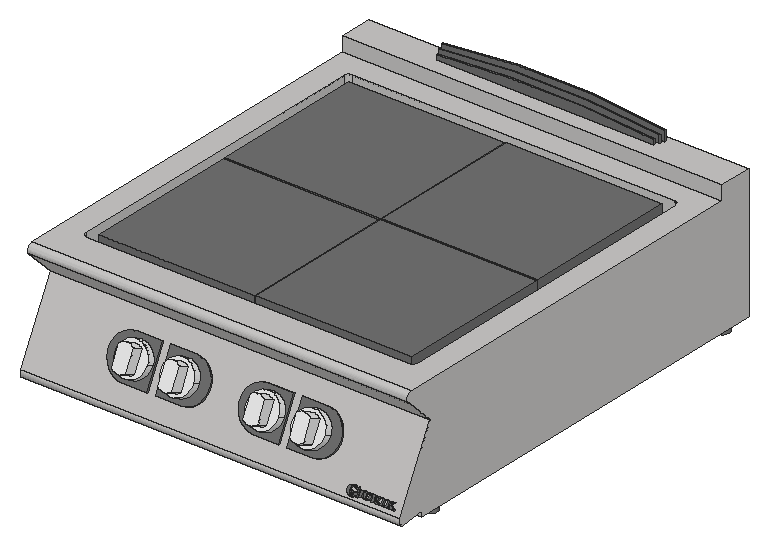
Revit family "QF_GIORIK_TE940T", category Specialty Equipment, Revit 2014
Parameters (values of type "TE940T")
  Weight in Pounds = 231.4851
  Watts = 12000 W
  Volts = 400 V
  URL Cutsheet = "www.giorik.com"
  URL = "www.giorik.com"
  Status [instance] = ""
  Specification by User [instance] = ""
  Specification by Manufacturer = ""
  Show Logo [instance] = yes
  Show Clearance [instance] = yes
  Serial Number = ""
  Seismic Rating = ""
  SMACNA No = ""
  Revision Code [instance] = ""
  Phase = 3
  Number of Poles [instance] = 3
  NAFEM Spec ID Number = ""
  Model = "TE940T"
  Min Ckt Ampacity = 0 A
  Max Overcurrent Protection = 0 A
  Masterspec = ""
  Manufacturer = "GIORIK"
  Item Number [instance] = ""
  Installed By [instance] = ""
  Identify Quantity as Lot [instance] = no
  HP = "16.092240000000"
  Furnished By [instance] = ""
  Foodservice Equipment Identifier [instance] = yes
  FL Amps = 0 A
  Electrical Remarks [instance] = ""
  Electric Connection Type [instance] = ""
  Elec Conn RI Height [instance] = 0 mm
  Elec Conn Connection Height [instance] = 20 mm
  Description = "ELECTRIC SOLID TOP HOB - COUNTERTOP VERSION"
  Cycle = 50 Hz
  Conn Plug = ""
  CSI MasterFormat = ""
  Assembly Code = "E1090320"
  Apparent Power = 12000 VA
Reference planes
  plane 1 "Back": y = 0
  plane 2: z = 0
  plane 3 "Left": x = 0
  plane 4 "Right": x = 800
  plane 5 "Front": y = -920
  plane 6 "Top": z = 299.974
Forms (mm)
  Extrusion 1, solid, visible <- "Show Logo"
    sketch origin (591.604, -936.761, 9.46) x (-1, 0, 0) y (0, 0.452718, 0.891654)
      loop
        line (-118.824, 58.358) -> (-127.804, 58.358) -> (-125.523, 56.445) -> (-125.523, 48.027) -> (-127.804, 46.113) -> (-118.824, 46.113) -> (-121.105, 48.027) -> (-121.105, 56.445) -> (-118.824, 58.358)
      loop
        line (-163.721, 58.358) -> (-172.7, 58.358) -> (-170.42, 56.445) -> (-170.42, 48.027) -> (-172.7, 46.113) -> (-163.721, 46.113) -> (-166.001, 48.027) -> (-166.001, 56.445) -> (-163.721, 58.358)
      loop
        line (-174.332, 58.358) -> (-183.312, 58.358) -> (-181.031, 56.445) -> (-181.031, 52.435) -> (-186.419, 56.955) -> (-184.416, 58.358) -> (-191.268, 58.358) -> (-188.01, 56.839) -> (-185.455, 54.283) -> (-190.846, 47.858) -> (-193.396, 46.93) -> (-193.396, 46.113) -> (-184.416, 46.113) -> (-185.437, 47.571) -> (-182.443, 51.552) -> (-181.031, 50.894) -> (-181.031, 48.027) -> (-183.312, 46.113) -> (-174.332, 46.113) -> (-176.613, 48.027) -> (-176.613, 56.445) -> (-174.332, 58.358)
      loop
        line (-115.429, 62.063) -> (-115.429, 54.198)
        arc (-115.429, 54.198) -> (-111.618, 57.803) -> (-106.847, 59.986) r 16.039
        arc (-106.847, 59.986) -> (-103.314, 59.837) -> (-100.512, 57.68) r 5.851
        arc (-100.512, 57.68) -> (-98.815, 52.267) -> (-100.512, 46.853) r 9.479
        arc (-100.512, 46.853) -> (-102.406, 44.986) -> (-104.846, 43.93) r 7.236
        arc (-104.846, 43.93) -> (-107.728, 44.111) -> (-110.052, 45.825) r 5.11
        line (-110.052, 45.825) -> (-110.052, 52.001) -> (-116.141, 52.001) -> (-116.141, 45.503) -> (-117.893, 43.751) -> (-114.094, 44.769)
        arc (-114.094, 44.769) -> (-112.56, 44.947) -> (-111.129, 44.366) r 3.115
        arc (-111.129, 44.366) -> (-104.216, 42.091) -> (-97.303, 44.366) r 11.641
        arc (-97.303, 44.366) -> (-93.396, 52.107) -> (-97.303, 59.849) r 9.622
        arc (-97.303, 59.849) -> (-104.369, 62.174) -> (-111.435, 59.849) r 11.898
        line (-111.435, 59.849) -> (-115.429, 62.063)
      loop
        arc (-129.234, 56.068) -> (-135.893, 58.628) -> (-142.552, 56.068) r 9.941
        arc (-142.552, 56.068) -> (-144.234, 52.286) -> (-142.552, 48.505) r 5.093
        arc (-142.552, 48.505) -> (-135.893, 45.945) -> (-129.234, 48.505) r 9.941
        arc (-129.234, 48.505) -> (-127.552, 52.286) -> (-129.234, 56.068) r 5.093
      loop
        arc (-132.628, 54.403) -> (-135.893, 57.668) -> (-139.158, 54.403) r 3.265
        line (-139.158, 54.403) -> (-139.158, 50.169)
        arc (-139.158, 50.169) -> (-135.893, 46.904) -> (-132.628, 50.169) r 3.265
        line (-132.628, 50.169) -> (-132.628, 54.403)
      loop
        arc (-156.363, 58.365) -> (-159.647, 55.081) -> (-156.363, 51.796) r 3.285
        line (-156.363, 51.796) -> (-159.529, 47.306) -> (-162.087, 46.113) -> (-155.847, 46.113) -> (-153.529, 51.083) -> (-150.637, 51.083) -> (-150.637, 47.784) -> (-153.022, 46.113) -> (-144.011, 46.113) -> (-146.094, 47.68) -> (-146.094, 56.493) -> (-144.229, 58.365) -> (-156.363, 58.365)
      loop
        line (-150.637, 57.512) -> (-153.637, 57.512)
        arc (-153.637, 57.512) -> (-156.237, 54.912) -> (-153.637, 52.312) r 2.6
        line (-153.637, 52.312) -> (-150.637, 52.312) -> (-150.637, 57.512)
      loop
        line (-108.924, 52.001) -> (-104.936, 49.005) -> (-100.948, 52.001) -> (-108.924, 52.001)
    from 1.5 to -0.5
  Extrusion 2, solid
    sketch origin (-4, 0, 4.974) x (1, 0, 0) y (0, 1, 0)
      loop
        circle (54, -385) r 12.5
    from 0 to 15
  Extrusion 3, solid
    sketch origin (0, 800, -620.026) x (0, 1, 0) y (0, 0, 1)
      loop
        line (-800, 919.988) -> (-870, 919.988) -> (-870, 889.988) -> (-1688.806, 889.988)
        arc (-1688.806, 889.988) -> (-1699.151, 883.075) -> (-1696.724, 870.873) r 11.197
        line (-1696.724, 870.873) -> (-1640.876, 815.025) -> (-1718.948, 661.258)
        arc (-1718.948, 661.258) -> (-1718.233, 650.105) -> (-1708.118, 645.354) r 10.981
        line (-1708.118, 645.354) -> (-1660, 649.925) -> (-1660, 640) -> (-800, 640) -> (-800, 919.988)
    from 0 to 800
  Extrusion 4, void
    sketch origin (422.306, -172.7, 299.974) x (0, 1, 0) y (-1, 0, 0)
      loop
        line (52.7, -317.694) -> (52.7, 362.306)
        arc (52.7, 362.306) -> (49.771, 369.377) -> (42.7, 372.306) r 10
        line (42.7, 372.306) -> (-637.265, 372.306)
        arc (-637.265, 372.306) -> (-644.336, 369.377) -> (-647.265, 362.306) r 10
        line (-647.265, 362.306) -> (-647.265, -317.694)
        arc (-647.265, -317.694) -> (-644.336, -324.765) -> (-637.265, -327.694) r 10
        line (-637.265, -327.694) -> (42.7, -327.694)
        arc (42.7, -327.694) -> (49.771, -324.765) -> (52.7, -317.694) r 10
    from -30.012 to -70.012
  Extrusion 5, solid
    sketch origin (-210.755, -1162.334, -546.202) x (1, 0, 0) y (0, 0.452718, 0.891654)
      loop
        line (463.221, 676.25) -> (463.221, 766.25) -> (409.698, 766.25)
        arc (409.698, 766.25) -> (364.698, 721.25) -> (409.698, 676.25) r 45
        line (409.698, 676.25) -> (463.221, 676.25)
    from 48 to 50
  Extrusion 6, solid
    sketch origin (563.797, -1206.96, -523.652) x (-1, 0, 0) y (0, -0.452718, -0.891654)
      loop
        circle (351.331, -721.346) r 35
    from 0 to 15
  Extrusion 7, solid
    sketch origin (563.797, -1206.96, -523.652) x (-1, 0, 0) y (0, -0.452718, -0.891654)
      loop
        arc (336.331, -743.846) -> (351.331, -748.846) -> (366.331, -743.846) r 25
        line (366.331, -743.846) -> (366.331, -698.846)
        arc (366.331, -698.846) -> (351.331, -693.846) -> (336.331, -698.846) r 25
        line (336.331, -698.846) -> (336.331, -743.846)
    from 15 to 40
  Extrusion 8, solid
    sketch origin (733.221, -1162.334, -546.202) x (-1, 0, 0) y (0, -0.452718, -0.891654)
      loop
        line (463.221, -676.25) -> (409.698, -676.25)
        arc (409.698, -676.25) -> (364.698, -721.25) -> (409.698, -766.25) r 45
        line (409.698, -766.25) -> (463.221, -766.25) -> (463.221, -676.25)
    from 48 to 50
  Extrusion 9, solid
    sketch origin (-41.331, -1206.96, -523.652) x (1, 0, 0) y (0, 0.452718, 0.891654)
      loop
        circle (351.331, 721.346) r 35
    from 0 to 15
  Extrusion 10, solid
    sketch origin (-41.331, -1206.96, -523.652) x (1, 0, 0) y (0, 0.452718, 0.891654)
      loop
        line (336.331, 743.846) -> (336.331, 698.846)
        arc (336.331, 698.846) -> (351.331, 693.846) -> (366.331, 698.846) r 25
        line (366.331, 698.846) -> (366.331, 743.846)
        arc (366.331, 743.846) -> (351.331, 748.846) -> (336.331, 743.846) r 25
    from 15 to 40
  Extrusion 11, solid
    sketch origin (1010.755, -1162.334, -546.202) x (-1, 0, 0) y (0, -0.452718, -0.891654)
      loop
        line (463.221, -676.25) -> (409.698, -676.25)
        arc (409.698, -676.25) -> (364.698, -721.25) -> (409.698, -766.25) r 45
        line (409.698, -766.25) -> (463.221, -766.25) -> (463.221, -676.25)
    from 48 to 50
  Extrusion 12, solid
    sketch origin (236.203, -1206.96, -523.652) x (1, 0, 0) y (0, 0.452718, 0.891654)
      loop
        circle (351.331, 721.346) r 35
    from 0 to 15
  Extrusion 13, solid
    sketch origin (236.203, -1206.96, -523.652) x (1, 0, 0) y (0, 0.452718, 0.891654)
      loop
        line (336.331, 743.846) -> (336.331, 698.846)
        arc (336.331, 698.846) -> (351.331, 693.846) -> (366.331, 698.846) r 25
        line (366.331, 698.846) -> (366.331, 743.846)
        arc (366.331, 743.846) -> (351.331, 748.846) -> (336.331, 743.846) r 25
    from 15 to 40
  Extrusion 14, solid
    sketch origin (66.779, -1162.334, -546.202) x (1, 0, 0) y (0, 0.452718, 0.891654)
      loop
        line (463.221, 676.25) -> (463.221, 766.25) -> (409.698, 766.25)
        arc (409.698, 766.25) -> (364.698, 721.25) -> (409.698, 676.25) r 45
        line (409.698, 676.25) -> (463.221, 676.25)
    from 48 to 50
  Extrusion 15, solid
    sketch origin (841.331, -1206.96, -523.652) x (-1, 0, 0) y (0, -0.452718, -0.891654)
      loop
        circle (351.331, -721.346) r 35
    from 0 to 15
  Extrusion 16, solid
    sketch origin (841.331, -1206.96, -523.652) x (-1, 0, 0) y (0, -0.452718, -0.891654)
      loop
        arc (336.331, -743.846) -> (351.331, -748.846) -> (366.331, -743.846) r 25
        line (366.331, -743.846) -> (366.331, -698.846)
        arc (366.331, -698.846) -> (351.331, -693.846) -> (336.331, -698.846) r 25
        line (336.331, -698.846) -> (336.331, -743.846)
    from 15 to 40
  Extrusion 17, solid
    sketch origin (36.031, 0, -610.028) x (1, 0, 0) y (0, 0, 1)
      loop
        line (135, 909.989) -> (592.969, 909.989) -> (592.969, 919.989) -> (440.969, 929.989) -> (287, 929.989) -> (135, 919.989) -> (135, 909.989)
    from 32 to 35
  Extrusion 18, solid
    sketch origin (38, 10, -610.028) x (1, 0, 0) y (0, 0, 1)
      loop
        line (594, 909.989) -> (594, 924.989) -> (440, 937.489) -> (284, 937.489) -> (130, 925.001) -> (130, 909.989) -> (594, 909.989)
    from 32 to 35
  Extrusion 19, solid
    sketch origin (40, 20, -610.028) x (1, 0, 0) y (0, 0, 1)
      loop
        line (595, 909.989) -> (595, 930.001) -> (439, 945.258) -> (281, 945.258) -> (125, 929.989) -> (125, 909.989) -> (595, 909.989)
    from 32 to 35
  Extrusion 20, solid
    sketch origin (-397.775, -955.565, 229.962) x (0, -1, 0) y (1, 0, 0)
      loop
        line (-487.082, 796.275) -> (-815.565, 796.275) -> (-815.565, 467.775) -> (-487.082, 467.775) -> (-487.082, 796.275)
    from 0 to 40
  Extrusion 21, solid
    sketch origin (1197.775, -955.565, 229.962) x (0, -1, 0) y (1, 0, 0)
      loop
        line (-487.082, -796.275) -> (-487.082, -467.775) -> (-815.565, -467.775) -> (-815.565, -796.275) -> (-487.082, -796.275)
    from 0 to 40
  Extrusion 22, solid
    sketch origin (1197.775, -184.4, 229.962) x (0, 1, 0) y (-1, 0, 0)
      loop
        line (-287.082, 796.275) -> (-615.565, 796.275) -> (-615.565, 467.775) -> (-287.082, 467.775) -> (-287.082, 796.275)
    from 0 to 40
  Extrusion 23, solid
    sketch origin (-397.775, -184.4, 229.962) x (0, 1, 0) y (-1, 0, 0)
      loop
        line (-287.082, -796.275) -> (-287.082, -467.775) -> (-615.565, -467.775) -> (-615.565, -796.275) -> (-287.082, -796.275)
    from 0 to 40
  Extrusion 24, solid
    sketch origin (543.603, 45.293, -30) x (0, 1, 0) y (-1, 0, 0)
      loop
        circle (-79.293, 516.603) r 5
    from 41.965 to 50
  Revolve 25, solid
    sketch origin (27, 49.942, -600) x (0, 1, 0) y (0, 0, 1)
      loop
        line (-83.943, 611.965) -> (-94.752, 611.965) -> (-97.943, 600) -> (-83.943, 600) -> (-83.943, 611.965)
      axis (-83.943, 611.965) -> (-83.943, 600)
    angle from 0 to 360
  Extrusion 26, solid
    sketch origin (256.397, 45.293, -30) x (0, 1, 0) y (-1, 0, 0)
      loop
        circle (-79.293, -516.603) r 5
    from 41.965 to 50
  Revolve 27, solid
    sketch origin (773, 49.942, -600) x (0, 1, 0) y (0, 0, -1)
      loop
        line (-83.943, -611.965) -> (-83.943, -600) -> (-97.943, -600) -> (-94.752, -611.965) -> (-83.943, -611.965)
      axis (-83.943, -611.965) -> (-83.943, -600)
    angle from 0 to 360
  Extrusion 28, solid
    sketch origin (543.603, -724.675, -30) x (0, 1, 0) y (-1, 0, 0)
      loop
        circle (-79.293, 516.603) r 5
    from 41.965 to 50
  Revolve 29, solid
    sketch origin (27, -720.026, -600) x (0, 1, 0) y (0, 0, 1)
      loop
        line (-83.943, 611.965) -> (-94.752, 611.965) -> (-97.943, 600) -> (-83.943, 600) -> (-83.943, 611.965)
      axis (-83.943, 611.965) -> (-83.943, 600)
    angle from 0 to 360
  Extrusion 30, solid
    sketch origin (256.397, -724.675, -30) x (0, 1, 0) y (-1, 0, 0)
      loop
        circle (-79.293, -516.603) r 5
    from 41.965 to 50
  Revolve 31, solid
    sketch origin (773, -720.026, -600) x (0, 1, 0) y (0, 0, -1)
      loop
        line (-83.943, -611.965) -> (-83.943, -600) -> (-97.943, -600) -> (-94.752, -611.965) -> (-83.943, -611.965)
      axis (-83.943, -611.965) -> (-83.943, -600)
    angle from 0 to 360
Cuts and joins
  Extrusion 4 cuts Extrusion 3
Lines and regions (mm)
  symbolic lines, style "200-EquipBorder-2D"
    curve 1: line (0, -920, 0) -> (800, -920, 0)
    curve 2: line (800, -920, 0) -> (800, 0, 0)
    curve 3: line (800, 0, 0) -> (0, 0, 0)
    curve 4: line (0, 0, 0) -> (0, -920, 0)
  symbolic lines, style "200-EquipInternal-2D"
    curve 5: line (0, -70, 299.974) -> (800, -70, 299.974)
    curve 6: line (165, -12, 299.974) -> (165, -15, 299.974)
    curve 7: line (168, -22, 299.974) -> (168, -25, 299.974)
    curve 8: line (171.031, -32, 299.974) -> (171.031, -35, 299.974)
    curve 9: line (635, -12, 299.974) -> (165, -12, 299.974)
    curve 10: line (165, -15, 299.974) -> (635, -15, 299.974)
    curve 11: line (632, -22, 299.974) -> (168, -22, 299.974)
    curve 12: line (168, -25, 299.974) -> (632, -25, 299.974)
    curve 13: line (629, -32, 299.974) -> (171.031, -32, 299.974)
    curve 14: line (171.031, -35, 299.974) -> (629, -35, 299.974)
    curve 15: line (635, -15, 299.974) -> (635, -12, 299.974)
    curve 16: line (632, -25, 299.974) -> (632, -22, 299.974)
    curve 17: line (629, -35, 299.974) -> (629, -32, 299.974)
    curve 18: line (50, -130, 299.974) -> (50, -809.965, 299.974)
    curve 19: line (70, -140, 299.974) -> (70, -468.482, 299.974)
    curve 20: line (740, -120, 299.974) -> (60, -120, 299.974)
    curve 21: line (398.5, -140, 299.974) -> (70, -140, 299.974)
    curve 22: arc (60, -120, 299.974) -> (52.929, -122.929, 299.974) -> (50, -130, 299.974) r 10
    curve 23: line (398.5, -468.482, 299.974) -> (398.5, -140, 299.974)
    curve 24: line (401.5, -140, 299.974) -> (401.5, -468.482, 299.974)
    curve 25: line (730, -140, 299.974) -> (401.5, -140, 299.974)
    curve 26: line (70, -468.482, 299.974) -> (398.5, -468.482, 299.974)
    curve 27: line (398.5, -471.482, 299.974) -> (70, -471.482, 299.974)
    curve 28: line (70, -471.482, 299.974) -> (70, -799.965, 299.974)
    curve 29: line (70, -799.965, 299.974) -> (398.5, -799.965, 299.974)
    curve 30: line (60, -819.965, 299.974) -> (740, -819.965, 299.974)
    curve 31: arc (50, -809.965, 299.974) -> (52.929, -817.036, 299.974) -> (60, -819.965, 299.974) r 10
    curve 32: line (401.5, -471.482, 299.974) -> (401.5, -799.965, 299.974)
    curve 33: line (398.5, -799.965, 299.974) -> (398.5, -471.482, 299.974)
    curve 34: line (401.5, -799.965, 299.974) -> (730, -799.965, 299.974)
    curve 35: line (730, -799.965, 299.974) -> (730, -471.482, 299.974)
    curve 36: line (750, -809.965, 299.974) -> (750, -130, 299.974)
    curve 37: arc (740, -819.965, 299.974) -> (747.071, -817.036, 299.974) -> (750, -809.965, 299.974) r 10
    curve 38: line (730, -471.482, 299.974) -> (401.5, -471.482, 299.974)
    curve 39: line (730, -468.482, 299.974) -> (730, -140, 299.974)
    curve 40: line (401.5, -468.482, 299.974) -> (730, -468.482, 299.974)
    curve 41: arc (750, -130, 299.974) -> (747.071, -122.929, 299.974) -> (740, -120, 299.974) r 10
Dimensions and locks
  plane 3 "Left" to plane 4 "Right" = 800 mm
  plane 5 "Front" to plane 1 "Back" = 920 mm
  plane 4 "Right" to plane 3 "Left" = 800 mm
  plane 1 "Back" to plane 5 "Front" = 920 mm
  plane 6 "Top" to level = 299.974 mm  (x2)
  aligned and locked: level to plane 2
Connectors
  electrical at (50, -385, 4.974), driven by "Apparent Power", driven by "Volts", driven by "Number of Poles"
    settings: on Extrusion 2, index 1, voltage 400 V, apparent load 0 VA, apparent load phase1 12000 VA, apparent load phase2 0 VA, apparent load phase3 0 VA, power factor 1, load classification "Other", number of poles 3, system type 31, power factor state 1, is connector primary yes, connector utility no, sub classification motor no, connector description "Electrical connection"
